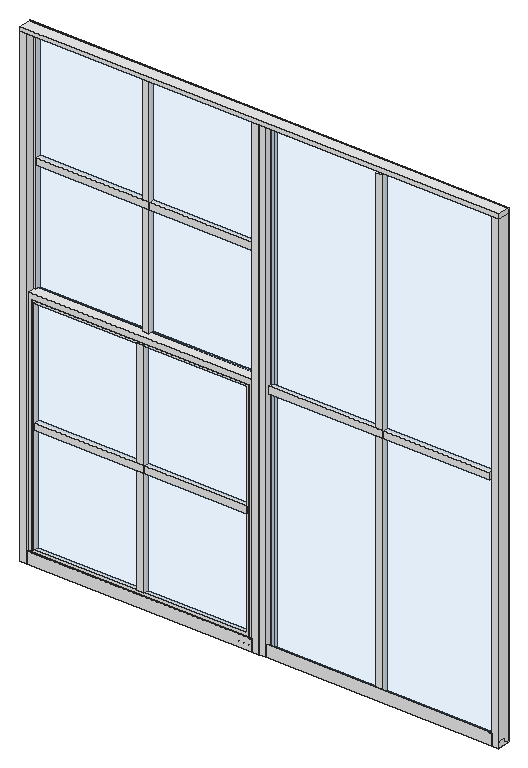
Revit family "Window_Curtain_Wall-Single_Hung_Fixed-Traco-TR_9197-Heavy_Commercial", category Windows, Revit 2015 (continued)
Automatic sketch dimensions
  profile plane to Sweep 19 sketch curve = 0' - 0"
  Sweep 19 sketch curve to profile plane = 0' - 0.563"
  Split face 1 sketch curve to cut or joined group of Sweep 7, Sweep 12, Sweep 13 = 0' - 0"  (x2)
  Split face 1 sketch curve to Split face 1 sketch curve = 0' - 0 1/8"
  curve 82 to plane 65 "Left Half Center (L/R)" = 0' - 0.6648"
  plane 65 "Left Half Center (L/R)" to curve 82 = 0' - 0.0005"
  plane 65 "Left Half Center (L/R)" to curve 4 = 0' - 0.6653"
  curve 3 to plane 21 "Bottom Muntin Center T/B" = 0' - 4 7/8"
  plane 21 "Bottom Muntin Center T/B" to curve 4 = 0' - 3.53061"
  curve 82 to curve 4 = 0' - 0"
  curve 4 to curve 82 = 0' - 1.34439"
  curve 4 to curve 82 = 0' - 0"
  curve 55 to plane 66 "Right Half Inside Left Stop" = 0' - 0"
  curve 84 to plane 10 "Interior/Front" = 0' - 0"
  curve 85 to plane 10 "Interior/Front" = 0' - 0"
  curve 83 to plane 10 "Interior/Front" = 0' - 0"
  curve 80 to plane 40 "Bottom Glass Interior Offset" = 0' - 0"
  curve 97 to plane 24 "Bottom Glass Interior" = 0' - 0"
  curve 57 to plane 51 "Bottom Glass Center F/B" = 0' - 0"
  curve 84 to plane 9 "Exterior/Back" = 0' - 0"
  curve 85 to plane 9 "Exterior/Back" = 0' - 0"
  plane 56 "Bottom Center Left Frame" to curve 1 = 0' - 0"
  curve 2 to plane 23 "Sash Frame Bottom" = 0' - 0"
  curve 2 to plane 44 "Bottom Glass T" = 0' - 0"
  profile plane to Sweep 17 sketch curve = 0' - 0.01875"
  Extrusion 9 sketch curve to plane 44 "Bottom Glass T" = 0' - 0"
Nested families (in)
  nested 1: "Screen-Exterior-Traco-Half" at (-14.87652, 0.155, 29.5) x (-1, 0, 0) z (0, 1, 0), visible <- "Has Window Screen", Width <- "Screen Width", Height <- "Screen Height", type "1 1/2"x3/8" Frame"
    with Width 4' - 8 61/128", Screen Offset 0' - 1 1/16", Height 4' - 11", CTRL Width 4' - 8 61/128", CTRL Height 4' - 11"
  nested 2: "Muntin-Grid-Traco-Lites" at (-13.87525, -0.736, 31.25) x (-1, 0, 0) z (0, 1, 0), Glazing Thickness <- "Glazing Thickness", Material <- "Frame Material", visible <- "Has Muntins", type <- "Window Muntin Type", type "True"
    with Sash Height 4' - 7 1/2", Material Aluminum - Traco - Anodized - Gray, Length 4' - 5.2495", Glazing Thickness 0' - 0 1/4", CTRL Muntin Vertical Distance 2' - 3 3/4", CTRL Muntin Horizontal Distance 2' - 2.62475", CTRL Face Offset 0' - 0 1/8", CTRL Bar Vertical Visibility yes, CTRL Bar Horizontal Visibility yes, CTRL Array Vertical Visibility no, CTRL Array Horizontal Visibility no, Lite Vertical Count 2, Lite Horizontal Count 2, Has True Muntins yes, Has Exterior Muntins no
  nested 3: "Muntin-Square-Traco-Single" at (-13.87525, -1.361, 31.25) x (-1, 0, 0) z (0, 1, 0), type "1 3/4" True Muntin"
    with Material Aluminum - Traco - Anodized - Gray, Length 4' - 5.2495", Width Top 0' - 1 3/4", Width Base 0' - 1 3/4", Height 0' - 1 1/4"
  nested 4: "Muntin-Grid-Traco-Lites" at (-13.87551, 0.973, 89.7185) x (-1, 0, 0) z (0, 1, 0), Glazing Thickness <- "Glazing Thickness", Material <- "Frame Material", visible <- "Has Muntins", type <- "Window Muntin Type", type "True"
    with Sash Height 4' - 9.437", Material Aluminum - Traco - Anodized - Gray, Length 4' - 7.35258", Glazing Thickness 0' - 0 1/4", CTRL Muntin Vertical Distance 2' - 4.7185", CTRL Muntin Horizontal Distance 2' - 3.67629", CTRL Face Offset 0' - 0 1/8", CTRL Bar Vertical Visibility yes, CTRL Bar Horizontal Visibility yes, CTRL Array Vertical Visibility no, CTRL Array Horizontal Visibility no, Lite Vertical Count 2, Lite Horizontal Count 2, Has True Muntins yes, Has Exterior Muntins no
  nested 5: "Muntin-Square-Traco-Single" at (-13.87551, 0.348, 89.7185) x (-1, 0, 0) z (0, 1, 0), type "1 3/4" True Muntin"
    with Material Aluminum - Traco - Anodized - Gray, Length 4' - 7.35258", Width Top 0' - 1 3/4", Width Base 0' - 1 3/4", Height 0' - 1 1/4"
  nested 6: "Muntin-Square-Traco-Single" at (-13.87525, -1.361, 31.25) x (0, 0, 1) z (0, 1, 0), type "1 3/4" True Muntin"
    with Material Aluminum - Traco - Anodized - Gray, Length 4' - 7 1/2", Width Top 0' - 1 3/4", Width Base 0' - 1 3/4", Height 0' - 1 1/4"
  nested 7: "Muntin-Square-Traco-Single" at (-13.87551, 0.348, 89.7185) x (0, 0, 1) z (0, 1, 0), type "1 3/4" True Muntin"
    with Material Aluminum - Traco - Anodized - Gray, Length 4' - 9.437", Width Top 0' - 1 3/4", Width Base 0' - 1 3/4", Height 0' - 1 1/4"
  nested 8: "Muntin-Grid-Traco-Lites" at (46.12551, -0.736, 60.1803) x (-1, 0, 0) z (0, 1, 0), Glazing Thickness <- "Glazing Thickness", Material <- "Frame Material", visible <- "Has Muntins", type <- "Window Muntin Type", type "True"
    with Sash Height 9' - 8.5134", Material Aluminum - Traco - Anodized - Gray, Length 4' - 7.35258", Glazing Thickness 0' - 0 1/4", CTRL Muntin Vertical Distance 4' - 10.2567", CTRL Muntin Horizontal Distance 2' - 3.67629", CTRL Face Offset 0' - 0 1/8", CTRL Bar Vertical Visibility yes, CTRL Bar Horizontal Visibility yes, CTRL Array Vertical Visibility no, CTRL Array Horizontal Visibility no, Lite Vertical Count 2, Lite Horizontal Count 2, Has True Muntins yes, Has Exterior Muntins no
  nested 9: "Muntin-Square-Traco-Single" at (46.12551, -1.361, 60.1803) x (-1, 0, 0) z (0, 1, 0), type "1 3/4" True Muntin"
    with Material Aluminum - Traco - Anodized - Gray, Length 4' - 7.35258", Width Top 0' - 1 3/4", Width Base 0' - 1 3/4", Height 0' - 1 1/4"
  nested 10: "Muntin-Square-Traco-Single" at (46.12551, -1.361, 60.1803) x (0, 0, 1) z (0, 1, 0), type "1 3/4" True Muntin"
    with Material Aluminum - Traco - Anodized - Gray, Length 9' - 8.5134", Width Top 0' - 1 3/4", Width Base 0' - 1 3/4", Height 0' - 1 1/4"
Definition of nested family "Screen-Exterior-Traco-Half"
  Parameters
    Width [instance] = 4' - 0"
    URL = "http://www.alcoa.com/traco/en/home.asp"
    Screen Offset [instance] = 0' - 1 1/2"
    Screen Material = none
    Product Page URL = ""
    Product Documentation Link = ""
    Model = ""
    Frame Material = none
    Manufacturer = "Traco"  # constant formula
    Height [instance] = 7' - 0"
    Frame Width = 0' - 1 1/2"
    Frame Thickness = 0' - 0 3/8"
    Default Elevation = 4' - 0"
    Copyright © = "2011 Traco"  # constant formula
    CTRL Width [instance] = Width  # 4' - 0"
    CTRL Height [instance] = Height  # 7' - 0"
    Assembly Code = "B2010300"
  Reference planes (in)
    plane 1 "Center (Front/Back)": y = 0
    plane 2 "Original Ref": z = 0
    plane 3 "Center (Left/Right)": x = -1
    plane 4 "Bottom": z = 1.5
    plane 5 "Front": y = -42
    plane 6 "Back": y = 42
    plane 7 "Left": x = -25
    plane 8 "Right": x = 23
    plane 9 "Back Inset": y = 40.5
    plane 10 "Left Inset": x = -23.5
    plane 11 "Right Inset": x = 21.5
    plane 12 "Top": z = 1.875
    plane 13 "Front Inset": y = -40.5
    plane 14 "Screen Bottom": z = 1.635
  Forms (in)
    Extrusion 1, solid
      sketch origin (0, 0, 0) x (1, 0, 0) y (0, 1, 0)
        loop
          line (-48, 48) -> (-48, -48) -> (48, -48) -> (48, 48) -> (-48, 48)
      from 0 to -12
    Extrusion 2, solid, material <- "Frame Material", detail levels medium+fine
      sketch origin (0, 0, 0) x (1, 0, 0) y (0, 1, 0)
        loop
          line (-25, 42) -> (-25, -42) -> (23, -42) -> (23, 42) -> (-25, 42)
        loop
          line (21.5, -40.5) -> (21.5, 40.5) -> (-23.5, 40.5) -> (-23.5, -40.5) -> (21.5, -40.5)
      from 1.5 to 1.875
    Extrusion 3, solid, material <- "Screen Material", detail levels medium+fine
      sketch origin (0, 0, 1.875) x (-1, 0, 0) y (0, -1, 0)
        loop
          line (-21.5, 40.5) -> (-21.5, -40.5) -> (23.5, -40.5) -> (23.5, 40.5) -> (-21.5, 40.5)
      from -0.24 to 0
  Lines and regions (in)
    Masking region 1, detail levels medium+fine
      outline origin (0, 0, 0) x (1, 0, 0) y (0, 0, 1)
        loop
          line (-25, 1.875) -> (-25, 1.5) -> (-23.5, 1.5) -> (-23.5, 1.875) -> (-25, 1.875)
        loop
          line (23, 1.5) -> (23, 1.875) -> (21.5, 1.875) -> (21.5, 1.5) -> (23, 1.5)
    Masking region 2, detail levels medium+fine
      outline origin (0, 0, 1.875) x (-1, 0, 0) y (0, -1, 0)
        loop
          line (-23, 42) -> (-23, -42) -> (25, -42) -> (25, 42) -> (-23, 42)
        loop
          line (23.5, -40.5) -> (23.5, 40.5) -> (-21.5, 40.5) -> (-21.5, -40.5) -> (23.5, -40.5)
    Masking region 3, detail levels medium+fine
      outline origin (-1, 0, 0) x (0, 1, 0) y (0, 0, 1)
        loop
          line (-42, 1.875) -> (-42, 1.5) -> (-40.5, 1.5) -> (-40.5, 1.875) -> (-42, 1.875)
        loop
          line (42, 1.5) -> (42, 1.875) -> (40.5, 1.875) -> (40.5, 1.5) -> (42, 1.5)
    model lines, detail levels coarse
      curve 1: line (-25, -42, 1.875) -> (23, -42, 1.875)
      curve 2: line (23, -42, 1.875) -> (23, 42, 1.875)
      curve 3: line (23, 42, 1.875) -> (-25, 42, 1.875)
      curve 4: line (-25, 42, 1.875) -> (-25, -42, 1.875)
    model lines, detail levels fine
      curve 5: line (-25, 42, 1.875) -> (-23.5, 40.5, 1.875)
      curve 6: line (21.5, 40.5, 1.875) -> (23, 42, 1.875)
      curve 7: line (-25, -42, 1.875) -> (-23.5, -40.5, 1.875)
      curve 8: line (21.5, -40.5, 1.875) -> (23, -42, 1.875)
    symbolic lines
      curve 9: line (21.5, 0, 1.635) -> (-23.5, 0, 1.635)
      curve 10: line (-1, 40.5, 1.635) -> (-1, -40.5, 1.635)
      curve 13: line (-23.5, -40.5, 1.875) -> (21.5, 40.5, 1.875)
    symbolic lines, detail levels medium+fine
      curve 11: line (-23.5, 0, 1.875) -> (-1, 40.5, 1.875)
      curve 12: line (-1, -40.5, 1.875) -> (21.5, 0, 1.875)
    symbolic lines, detail levels coarse
      curve 14: line (-23.5, 0, 1.635) -> (-23.5, 0, 1.5)
      curve 15: line (21.5, 0, 1.635) -> (21.5, 0, 1.5)
      curve 16: line (-1, -40.5, 1.5) -> (-1, -40.5, 1.635)
      curve 17: line (-1, 40.5, 1.5) -> (-1, 40.5, 1.635)
  Dimensions and locks (in)
    plane 4 "Bottom" to plane 2 "Original Ref" = 0' - 1 1/2"
    "CTRL Width": plane 7 "Left" to plane 8 "Right"
    "CTRL Height": plane 5 "Front" to plane 6 "Back"
    "Frame Width": plane 6 "Back" to plane 9 "Back Inset"
    "Frame Width": plane 7 "Left" to plane 10 "Left Inset"
    "Frame Width": plane 11 "Right Inset" to plane 8 "Right"
    "Frame Thickness": plane 12 "Top" to plane 4 "Bottom"
    "Frame Width": plane 5 "Front" to plane 13 "Front Inset"
    equal spacing: plane 7 "Left", plane 3 "Center (Left/Right)", plane 8 "Right"
    locked: plane 12 "Top" to plane 14 "Screen Bottom" at 0.24
    equal spacing: plane 5 "Front", plane 1 "Center (Front/Back)", plane 6 "Back"
    "Screen Offset": plane 4 "Bottom" to plane 2 "Original Ref"
    aligned and locked: plane 2 "Original Ref" to Extrusion 1
    aligned and locked: level to Extrusion 1
    aligned and locked: Masking region 1 sketch curve to plane 12 "Top"
    aligned and locked: plane 4 "Bottom" to Masking region 1 sketch curve
    aligned and locked: Masking region 1 sketch curve to plane 7 "Left"
    aligned and locked: Masking region 2 sketch curve to plane 6 "Back"
    aligned and locked: Masking region 2 sketch curve to plane 7 "Left"
    aligned and locked: Masking region 2 sketch curve to plane 5 "Front"
    aligned and locked: Masking region 2 sketch curve to plane 8 "Right"
    aligned and locked: Masking region 2 sketch curve to plane 11 "Right Inset"
    aligned and locked: Masking region 2 sketch curve to plane 10 "Left Inset"
    aligned and locked: Masking region 2 sketch curve to plane 9 "Back Inset"
    aligned and locked: Masking region 2 sketch curve to plane 13 "Front Inset"
    aligned and locked: Extrusion 2 sketch curve to plane 9 "Back Inset"
    aligned and locked: Extrusion 2 sketch curve to plane 6 "Back"
    aligned and locked: Extrusion 2 sketch curve to plane 11 "Right Inset"
    aligned and locked: Extrusion 2 sketch curve to plane 8 "Right"
    aligned and locked: Extrusion 2 sketch curve to plane 10 "Left Inset"
    aligned and locked: Extrusion 2 sketch curve to plane 7 "Left"
    aligned and locked: Extrusion 2 sketch curve to plane 13 "Front Inset"
    aligned and locked: Extrusion 2 sketch curve to plane 5 "Front"
    aligned and locked: plane 12 "Top" to Extrusion 2
    aligned and locked: Extrusion 2 to plane 4 "Bottom"
    aligned and locked: curve 1 to Extrusion 2
    aligned and locked: curve 2 to Extrusion 2
    aligned and locked: curve 4 to Extrusion 2
    aligned and locked: Masking region 1 sketch curve to plane 8 "Right"
    aligned and locked: Masking region 3 sketch curve to plane 6 "Back"
    aligned and locked: Masking region 3 sketch curve to plane 5 "Front"
    aligned and locked: Masking region 3 sketch curve to plane 12 "Top"
    aligned and locked: Masking region 3 to plane 4 "Bottom"
    aligned and locked: plane 11 "Right Inset" to curve 8
    aligned and locked: plane 10 "Left Inset" to curve 7
    aligned and locked: plane 7 "Left" to curve 7
    aligned and locked: plane 10 "Left Inset" to curve 5
    aligned and locked: plane 11 "Right Inset" to curve 6
    aligned and locked: plane 5 "Front" to curve 8
    aligned and locked: plane 13 "Front Inset" to curve 8
    aligned and locked: plane 9 "Back Inset" to curve 6
    aligned and locked: plane 9 "Back Inset" to curve 5
    aligned and locked: plane 8 "Right" to curve 3
    aligned and locked: Extrusion 3 sketch curve to plane 9 "Back Inset"
    aligned and locked: Extrusion 3 sketch curve to plane 10 "Left Inset"
    aligned and locked: Extrusion 3 sketch curve to plane 13 "Front Inset"
    aligned and locked: Extrusion 3 sketch curve to plane 11 "Right Inset"
    aligned and locked: Extrusion 3 to plane 14 "Screen Bottom"
    aligned and locked: plane 12 "Top" to Extrusion 3
    aligned and locked: Masking region 1 sketch curve to plane 10 "Left Inset"
    aligned and locked: Masking region 1 sketch curve to plane 11 "Right Inset"
    aligned and locked: plane 11 "Right Inset" to curve 9
    aligned and locked: plane 14 "Screen Bottom" to curve 9
    aligned and locked: Masking region 3 sketch curve to plane 13 "Front Inset"
    aligned and locked: Masking region 3 sketch curve to plane 9 "Back Inset"
    aligned and locked: plane 13 "Front Inset" to curve 10
    aligned and locked: plane 9 "Back Inset" to curve 10
    aligned and locked: plane 14 "Screen Bottom" to curve 10
    aligned and locked: plane 6 "Back" to curve 6
    aligned and locked: plane 1 "Center (Front/Back)" to curve 12
    aligned and locked: plane 11 "Right Inset" to curve 12
    aligned and locked: plane 9 "Back Inset" to curve 11
    aligned and locked: plane 3 "Center (Left/Right)" to curve 11
    aligned and locked: plane 13 "Front Inset" to curve 12
    aligned and locked: plane 3 "Center (Left/Right)" to curve 12
    aligned and locked: plane 13 "Front Inset" to curve 13
    aligned and locked: plane 10 "Left Inset" to curve 11
    aligned and locked: plane 1 "Center (Front/Back)" to curve 11
    aligned and locked: plane 10 "Left Inset" to curve 14
    aligned and locked: plane 14 "Screen Bottom" to curve 14
    aligned and locked: plane 4 "Bottom" to curve 14
    aligned and locked: plane 14 "Screen Bottom" to curve 16
    aligned and locked: plane 4 "Bottom" to curve 16
    aligned and locked: curve 16 to plane 13 "Front Inset"
  Automatic sketch dimensions
    Extrusion 1 sketch curve to Extrusion 1 sketch curve = 8' - 0"  (x2)
    curve 15 to plane 4 "Bottom" = 0' - 0"
    Masking region 1 sketch curve to plane 4 "Bottom" = 0' - 0"
    Masking region 1 sketch curve to plane 12 "Top" = 0' - 0"
    Masking region 3 sketch curve to plane 4 "Bottom" = 0' - 0"  (x2)
    Masking region 3 sketch curve to plane 12 "Top" = 0' - 0"
    curve 17 to plane 4 "Bottom" = 0' - 0"
Definition of nested family "Muntin-Square-Traco-Single"
  Parameters
    Width Top = 0' - 1 1/4"
    Width Base = 0' - 1 1/4"
    URL = "http://www.alcoa.com/traco/en/home.asp"
    Product Page URL = "http://www.alcoa.com/traco/en/product.asp?prod_id=4228"
    Product Documentation Link = "http://www.alcoa.com/traco/en/cad_spec.asp?prod_id=4228&area=prod"
    Material [instance] = none
    Manufacturer = "Traco"  # constant formula
    Length [instance] = 1' - 0"
    Height = 0' - 3"
    Description = "True Muntin"
    Copyright © = "2011 Traco"  # constant formula
  Reference planes (in)
    plane 1 "Center (Front/Back)": y = 0
    plane 2 "Original Bottom": z = 0
    plane 3 "Center (Left/Right)": x = 0
    plane 4 "Left": x = -6
    plane 5 "Right": x = 6
    plane 6 "Back": y = 0.625
    plane 7 "Front": y = -0.625
    plane 8 "Back Inset": y = 0.625
    plane 9 "Front Inset": y = -0.625
    plane 10 "Top": z = 3
    plane 11 "Bottom": z = 0
    plane 12 "Center T/B": z = 1.5
  Forms (in)
    Sweep 1, solid, material <- "Material", detail levels medium+fine
      path origin (0, 0, 0) x (0, -1, 0) y (1, 0, 0)
        loop
          line (0, 6) -> (0, -6)
      profile origin (0, 0, 0) x (0, -1, 0) y (0, 0, 1)
        loop
          line (0.625, 0) -> (0.625, 3) -> (-0.625, 3) -> (-0.625, 0) -> (0.625, 0)
  Lines and regions (in)
    Masking region 1, detail levels medium+fine
      outline origin (0, 0, 0) x (0, 1, 0) y (0, 0, 1)
        loop
          line (0.625, 0) -> (0.625, 3) -> (-0.625, 3) -> (-0.625, 0) -> (0.625, 0)
    Masking region 2, detail levels medium+fine
      outline origin (0, 0, 0) x (1, 0, 0) y (0, 1, 0)
        loop
          line (6, -0.625) -> (6, 0.625) -> (-6, 0.625) -> (-6, -0.625) -> (6, -0.625)
    Masking region 3, detail levels medium+fine
      outline origin (0, 0, 0) x (1, 0, 0) y (0, 0, 1)
        loop
          line (6, 0) -> (6, 3) -> (-6, 3) -> (-6, 0) -> (6, 0)
    symbolic lines, detail levels coarse
      curve 1: line (0, 0, 0) -> (0, 0, 3)
      curve 2: line (-6, 0, 0) -> (6, 0, 0)
      curve 3: line (-6, 0, 0) -> (-6, 0, 3)
      curve 4: line (-6, 0, 3) -> (6, 0, 3)
      curve 5: line (6, 0, 3) -> (6, 0, 0)
    model lines, detail levels coarse
      curve 6: line (-6, 0, 0) -> (6, 0, 0)
  Dimensions and locks (in)
    equal spacing: plane 4 "Left", plane 3 "Center (Left/Right)", plane 5 "Right"
    "Length": plane 4 "Left" to plane 5 "Right"
    equal spacing: plane 6 "Back", plane 1 "Center (Front/Back)", plane 7 "Front"
    "Width Base": plane 7 "Front" to plane 6 "Back"
    equal spacing: plane 8 "Back Inset", plane 1 "Center (Front/Back)", plane 9 "Front Inset"
    "Width Top": plane 9 "Front Inset" to plane 8 "Back Inset"
    locked: plane 11 "Bottom" to plane 2 "Original Bottom" at 0
    "Height": plane 10 "Top" to plane 11 "Bottom"
    equal spacing: plane 10 "Top", plane 12 "Center T/B", plane 11 "Bottom"
    aligned and locked: plane 2 "Original Bottom" to level
    aligned and locked: plane 4 "Left" to Sweep 1 sketch curve
    aligned and locked: Sweep 1 sketch curve to plane 1 "Center (Front/Back)"
    aligned and locked: plane 5 "Right" to Sweep 1 sketch curve
    aligned and locked: plane 7 "Front" to Sweep 1 sketch curve
    aligned and locked: plane 11 "Bottom" to Sweep 1 sketch curve  (x2)
    aligned and locked: plane 6 "Back" to Sweep 1 sketch curve
    aligned and locked: plane 10 "Top" to Sweep 1 sketch curve
    aligned and locked: plane 8 "Back Inset" to Sweep 1 sketch curve
    aligned and locked: plane 9 "Front Inset" to Sweep 1 sketch curve
    aligned and locked: Sweep 1 sketch curve to plane 10 "Top"
    aligned and locked: Masking region 1 sketch curve to plane 11 "Bottom"
    aligned and locked: plane 10 "Top" to Masking region 1 sketch curve
    aligned and locked: plane 8 "Back Inset" to Masking region 1 sketch curve
    aligned and locked: plane 9 "Front Inset" to Masking region 1 sketch curve
    aligned and locked: plane 7 "Front" to Masking region 1 sketch curve
    aligned and locked: plane 6 "Back" to Masking region 1 sketch curve
    aligned and locked: curve 1 to plane 1 "Center (Front/Back)"
    aligned and locked: plane 11 "Bottom" to curve 1
    aligned and locked: plane 10 "Top" to curve 1
    aligned and locked: plane 4 "Left" to curve 2
    aligned and locked: plane 5 "Right" to curve 2
    aligned and locked: plane 1 "Center (Front/Back)" to curve 2
    aligned and locked: Masking region 2 sketch curve to plane 4 "Left"
    aligned and locked: Masking region 2 sketch curve to plane 5 "Right"
    aligned and locked: Masking region 2 sketch curve to plane 6 "Back"
    aligned and locked: Masking region 2 sketch curve to plane 7 "Front"
    aligned and locked: Masking region 3 sketch curve to plane 4 "Left"
    aligned and locked: Masking region 3 sketch curve to plane 5 "Right"
    aligned and locked: plane 11 "Bottom" to Masking region 3 sketch curve
    aligned and locked: Masking region 3 sketch curve to plane 10 "Top"
    aligned and locked: plane 11 "Bottom" to curve 3
    aligned and locked: plane 11 "Bottom" to curve 5
    aligned and locked: curve 5 to plane 5 "Right"
    aligned and locked: curve 3 to plane 4 "Left"
    aligned and locked: curve 4 to plane 10 "Top"
    aligned and locked: plane 5 "Right" to curve 6
    aligned and locked: plane 4 "Left" to curve 6
    aligned and locked: plane 1 "Center (Front/Back)" to curve 6
Definition of nested family "Muntin-Grid-Traco-Lites"
  Parameters
    URL = "http://www.alcoa.com/traco/en/home.asp"
    Sash Height [instance] = 4' - 0"
    Muntin Vertical Count = if((Lite Vertical Count - 1) < 2, 2, (Lite Vertical Count - 1))  # 2
    Muntin Type = Muntin-Trapezoid-Traco-Single : H-081
    Muntin Horizontal Count = if((Lite Horizontal Count - 1) < 2, 2, (Lite Horizontal Count - 1))  # 2
    Material [instance] = none
    Manufacturer = "Traco"  # constant formula
    Lite Vertical Count = 3
    Lite Horizontal Count = 3
    Length [instance] = 4' - 0"
    Has True Muntins = no
    Has Interior Muntins = no
    Has Exterior Muntins = yes
    Glazing Thickness [instance] = 0' - 0 7/8"
    Default Elevation = 4' - 0"
    Copyright © = "2011 Traco"  # constant formula
    CTRL Muntin Vertical Distance [instance] = Sash Height / (Lite Vertical Count)  # 1' - 4"
    CTRL Muntin Horizontal Distance [instance] = Length / (Lite Horizontal Count)  # 1' - 4"
    CTRL Face Offset [instance] = if(Has Interior Muntins, 0' 0 1/4", if(Has Exterior Muntins, Glazing Thickness, Glazing Thickness / 2))  # 0' - 0 7/8"
    CTRL Bar Vertical Visibility [instance] = Lite Vertical Count = 2  # no
    CTRL Bar Horizontal Visibility [instance] = Lite Horizontal Count = 2  # no
    CTRL Array Vertical Visibility [instance] = Lite Vertical Count > 2  # yes
    CTRL Array Horizontal Visibility [instance] = Lite Horizontal Count > 2  # yes
    Assembly Code = "B2020110"
  Reference planes (in)
    plane 1 "Center (Front/Back)": y = 0
    plane 2 "Original  Bottom": z = 0
    plane 3 "Center (Left/Right)": x = 0
    plane 4 "Left": x = -24
    plane 5 "Right": x = 24
    plane 6 "Bottom": z = 0.4375
    plane 7 "Glass Top": z = 0.4375
    plane 8 "Glass Bottom": z = -0.4375
    plane 9 "Back": y = 24
    plane 10 "Front": y = -24
    plane 11 "Bar 1 Vertical": y = -8
    plane 12 "Bar Last Vertical": y = 8
    plane 13 "Bar Last Horizontal": x = 8
    plane 14 "Bar 1 Horizontal": x = -8
  Forms (in)
    Extrusion 1, solid
      sketch origin (0, 0, 0) x (1, 0, 0) y (0, 1, 0)
        loop
          line (-48, 48) -> (-48, -48) -> (48, -48) -> (48, 48) -> (-48, 48)
      from 0 to -12
  Dimensions and locks (in)
    equal spacing: plane 4 "Left", plane 3 "Center (Left/Right)", plane 5 "Right"
    "Length": plane 4 "Left" to plane 5 "Right"
    "Glazing Thickness": plane 7 "Glass Top" to plane 8 "Glass Bottom"
    equal spacing: plane 9 "Back", plane 1 "Center (Front/Back)", plane 10 "Front"
    "Sash Height": plane 10 "Front" to plane 9 "Back"
    "CTRL Muntin Vertical Distance": plane 10 "Front" to plane 11 "Bar 1 Vertical"
    "CTRL Muntin Vertical Distance": plane 12 "Bar Last Vertical" to plane 9 "Back"
    "CTRL Muntin Horizontal Distance": plane 4 "Left" to plane 14 "Bar 1 Horizontal"
    "CTRL Muntin Horizontal Distance": plane 13 "Bar Last Horizontal" to plane 5 "Right"
    equal spacing: plane 7 "Glass Top", plane 2 "Original  Bottom", plane 8 "Glass Bottom"
    group 1 to group 2 = 0' - 0"  (x2)
    group 1 to group 2 = 1' - 4"
    group 3 to group 4 = 1' - 4"
    group 3 to group 4 = 0' - 0"  (x2)
    "CTRL Face Offset": plane 6 "Bottom" to plane 8 "Glass Bottom"
    aligned and locked: plane 2 "Original  Bottom" to Extrusion 1
    aligned and locked: level to Extrusion 1
    aligned and locked: plane 6 "Bottom" to nested 1
    aligned and locked: plane 6 "Bottom" to nested 3
    aligned and locked: plane 6 "Bottom" to nested 2
    aligned and locked: plane 6 "Bottom" to nested 4
    aligned and locked: nested 3 to plane 11 "Bar 1 Vertical"
    aligned and locked: nested 4 to plane 14 "Bar 1 Horizontal"
    aligned and locked: nested 3 to plane 3 "Center (Left/Right)"
    aligned and locked: plane 1 "Center (Front/Back)" to nested 4
    aligned and locked: plane 3 "Center (Left/Right)" to nested 2
    aligned and locked: nested 2 to plane 1 "Center (Front/Back)"
    aligned and locked: plane 1 "Center (Front/Back)" to nested 1
    aligned and locked: plane 3 "Center (Left/Right)" to nested 1
    aligned and locked: nested 5 to plane 3 "Center (Left/Right)"
    aligned and locked: plane 1 "Center (Front/Back)" to nested 6
    aligned and locked: plane 6 "Bottom" to nested 6
    aligned and locked: nested 5 to plane 12 "Bar Last Vertical"
    aligned and locked: nested 6 to plane 13 "Bar Last Horizontal"
    aligned and locked: plane 6 "Bottom" to nested 5
  Automatic sketch dimensions
    Extrusion 1 sketch curve to Extrusion 1 sketch curve = 8' - 0"  (x2)
  Nested families (in)
    nested 1: "Muntin-Trapezoid-Traco-Single" at (0, 0, 0.4375), Length <- "Length", visible <- "CTRL Bar Vertical Visibility", type <- "Muntin Type", Material <- "Material", type "H-081"
      with Material none, Length 4' - 0"
    nested 2: "Muntin-Trapezoid-Traco-Single" at (0, 0, 0.4375) x (0, 1, 0) z (0, 0, 1), Length <- "Sash Height", visible <- "CTRL Bar Horizontal Visibility", type <- "Muntin Type", Material <- "Material", type "H-081"
      with Material none, Length 4' - 0"
    nested 3: "Muntin-Trapezoid-Traco-Single" at (0, -8, 0.4375) x (-1, 0, 0) z (0, 0, 1), Length <- "Length", visible <- "CTRL Array Horizontal Visibility", type <- "Muntin Type", Material <- "Material", type "H-081"
      with Material none, Length 4' - 0"
    nested 4: "Muntin-Trapezoid-Traco-Single" at (-8, 0, 0.4375) x (0, -1, 0) z (0, 0, 1), Length <- "Sash Height", visible <- "CTRL Array Horizontal Visibility", type <- "Muntin Type", Material <- "Material", type "H-081"
      with Material none, Length 4' - 0"
    nested 5: "Muntin-Trapezoid-Traco-Single" at (0, 8, 0.4375) x (-1, 0, 0) z (0, 0, 1), Length <- "Length", visible <- "CTRL Array Horizontal Visibility", type <- "Muntin Type", Material <- "Material", type "H-081"
      with Material none, Length 4' - 0"
    nested 6: "Muntin-Trapezoid-Traco-Single" at (8, 0, 0.4375) x (0, -1, 0) z (0, 0, 1), Length <- "Sash Height", visible <- "CTRL Array Horizontal Visibility", type <- "Muntin Type", Material <- "Material", type "H-081"
      with Material none, Length 4' - 0"
  Definition of nested family "Muntin-Trapezoid-Traco-Single"
    Parameters
      Width Top = 0' - 0 7/16"
      Width Base = 0' - 1"
      URL = "http://www.alcoa.com/traco/en/home.asp"
      Product Page URL = "http://www.alcoa.com/traco/en/product.asp?prod_id=4228"
      Product Documentation Link = "http://www.alcoa.com/traco/en/cad_spec.asp?prod_id=4228&area=prod"
      Material [instance] = none
      Manufacturer = "Traco"  # constant formula
      Length [instance] = 1' - 0"
      Height = 0' - 0 5/8"
      Description = "Trapezoidal Profile"
      Copyright © = "2011 Traco"  # constant formula
    Reference planes (in)
      plane 1 "Center (Front/Back)": y = 0
      plane 2 "Original Bottom": z = 0
      plane 3 "Center (Left/Right)": x = 0
      plane 4 "Left": x = -6
      plane 5 "Right": x = 6
      plane 6 "Back": y = 0.5
      plane 7 "Front": y = -0.5
      plane 8 "Back Inset": y = 0.21875
      plane 9 "Front Inset": y = -0.21875
      plane 10 "Top": z = 0.625
      plane 11 "Bottom": z = 0
    Forms (in)
      Sweep 1, solid, material <- "Material", detail levels medium+fine
        path origin (0, 0, 0) x (0, -1, 0) y (1, 0, 0)
          loop
            line (0, 6) -> (0, -6)
        profile origin (0, 0, 0) x (0, -1, 0) y (0, 0, 1)
          loop
            line (0.5, 0) -> (0.21875, 0.625) -> (-0.21875, 0.625) -> (-0.5, 0) -> (0.5, 0)
    Lines and regions (in)
      Masking region 1, detail levels medium+fine
        outline origin (0, 0, 0) x (0, 1, 0) y (0, 0, 1)
          loop
            line (0.5, 0) -> (0.21875, 0.625) -> (-0.21875, 0.625) -> (-0.5, 0) -> (0.5, 0)
      Masking region 2, detail levels medium+fine
        outline origin (0, 0, 0) x (1, 0, 0) y (0, 1, 0)
          loop
            line (6, -0.5) -> (6, 0.5) -> (-6, 0.5) -> (-6, -0.5) -> (6, -0.5)
      Masking region 3, detail levels medium+fine
        outline origin (0, 0, 0) x (1, 0, 0) y (0, 0, 1)
          loop
            line (6, 0) -> (6, 0.625) -> (-6, 0.625) -> (-6, 0) -> (6, 0)
      symbolic lines, detail levels coarse
        curve 1: line (0, 0, 0) -> (0, 0, 0.625)
        curve 2: line (-6, 0, 0) -> (6, 0, 0)
        curve 3: line (-6, 0, 0) -> (-6, 0, 0.625)
        curve 4: line (-6, 0, 0.625) -> (6, 0, 0.625)
        curve 5: line (6, 0, 0.625) -> (6, 0, 0)
      model lines, detail levels coarse
        curve 6: line (-6, 0, 0) -> (6, 0, 0)
    Dimensions and locks (in)
      equal spacing: plane 4 "Left", plane 3 "Center (Left/Right)", plane 5 "Right"
      "Length": plane 4 "Left" to plane 5 "Right"
      equal spacing: plane 6 "Back", plane 1 "Center (Front/Back)", plane 7 "Front"
      "Width Base": plane 7 "Front" to plane 6 "Back"
      equal spacing: plane 8 "Back Inset", plane 1 "Center (Front/Back)", plane 9 "Front Inset"
      "Width Top": plane 9 "Front Inset" to plane 8 "Back Inset"
      locked: plane 11 "Bottom" to plane 2 "Original Bottom" at 0
      "Height": plane 10 "Top" to plane 11 "Bottom"
      aligned and locked: plane 2 "Original Bottom" to level
      aligned and locked: plane 4 "Left" to Sweep 1 sketch curve
      aligned and locked: Sweep 1 sketch curve to plane 1 "Center (Front/Back)"
      aligned and locked: plane 5 "Right" to Sweep 1 sketch curve
      aligned and locked: plane 7 "Front" to Sweep 1 sketch curve
      aligned and locked: plane 11 "Bottom" to Sweep 1 sketch curve  (x2)
      aligned and locked: plane 6 "Back" to Sweep 1 sketch curve
      aligned and locked: plane 10 "Top" to Sweep 1 sketch curve
      aligned and locked: plane 8 "Back Inset" to Sweep 1 sketch curve
      aligned and locked: plane 9 "Front Inset" to Sweep 1 sketch curve
      aligned and locked: Sweep 1 sketch curve to plane 10 "Top"
      aligned and locked: Masking region 1 sketch curve to plane 11 "Bottom"
      aligned and locked: plane 10 "Top" to Masking region 1 sketch curve
      aligned and locked: plane 8 "Back Inset" to Masking region 1 sketch curve
      aligned and locked: plane 9 "Front Inset" to Masking region 1 sketch curve
      aligned and locked: plane 7 "Front" to Masking region 1 sketch curve
      aligned and locked: plane 6 "Back" to Masking region 1 sketch curve
      aligned and locked: curve 1 to plane 1 "Center (Front/Back)"
      aligned and locked: plane 11 "Bottom" to curve 1
      aligned and locked: plane 10 "Top" to curve 1
      aligned and locked: plane 4 "Left" to curve 2
      aligned and locked: plane 5 "Right" to curve 2
      aligned and locked: plane 1 "Center (Front/Back)" to curve 2
      aligned and locked: Masking region 2 sketch curve to plane 4 "Left"
      aligned and locked: Masking region 2 sketch curve to plane 5 "Right"
      aligned and locked: Masking region 2 sketch curve to plane 6 "Back"
      aligned and locked: Masking region 2 sketch curve to plane 7 "Front"
      aligned and locked: Masking region 3 sketch curve to plane 4 "Left"
      aligned and locked: Masking region 3 sketch curve to plane 5 "Right"
      aligned and locked: plane 11 "Bottom" to Masking region 3 sketch curve
      aligned and locked: Masking region 3 sketch curve to plane 10 "Top"
      aligned and locked: plane 11 "Bottom" to curve 3
      aligned and locked: plane 11 "Bottom" to curve 5
      aligned and locked: curve 5 to plane 5 "Right"
      aligned and locked: curve 3 to plane 4 "Left"
      aligned and locked: curve 4 to plane 10 "Top"
      aligned and locked: plane 5 "Right" to curve 6
      aligned and locked: plane 4 "Left" to curve 6
      aligned and locked: plane 1 "Center (Front/Back)" to curve 6
Types (4): name | Model | Has Flange Frame | Glazing Thickness | CTRL Flange Width
  (no name) | "TR-9100" | no | 0' - 1" | 0' - 0"
  TR-9197 - Fixed/SH | "TR-9100" | no | 0' - 1" | 0' - 0"
  TR-9197 - Fixed/SH - w/Class 5 Balances | "TR-9100U" | yes | 0' - 1" | 0' - 2"
  TR-9197 - Fixed/SH - Single Glazed | "TR-9100" | no | 0' - 0 1/4" | 0' - 0"
